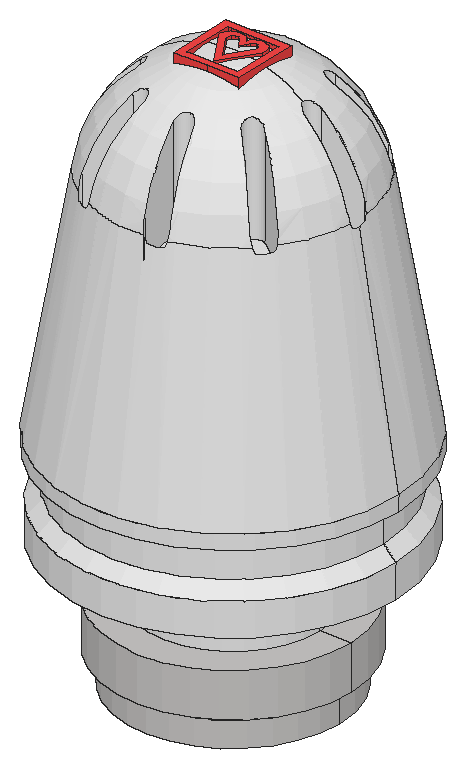
Revit family "HERZ-Thermostatkopf MINI Turbo M28x1.5 9200 13", category Rohrzubehör, Revit 2021
Family settings
  Bemaßung runder Anschluss = Durchmesser verwenden
  Teiletyp = Normal
  OmniClass-Nummer = 23.65.55.14
  OmniClass-Titel = Valves for Liquid Services
  Arbeitsebenenbasiert = Nein
  Immer vertikal = Nein
  Beim Laden mit Abzugskörper schneiden = Nein
  Gemeinsam genutzt = Nein
Parameters
  Vorgabe-Ansicht = 0 mm
  URL = "www.herz-armaturen.at"
  Thermostatkopf = "Kunststoff, weiß"  # constant formula
  Sollwertbereich = "0-30°C"  # constant formula
  S02 = 60 mm  # constant formula
  S01 = 73 mm  # constant formula
  Nullstellung = "Heizkörperthermostat mit Flüssigkeitsfühler (Hydrosensor) mit Stellung „0“, Frostsicherung einstellbar, mit Begrenzung und Blockierung des Sollwertbereiches."
  Hersteller = "HERZ Armaturen Ges.m.b.H."  # constant formula
  Funktionsweise = "Der HERZ-Thermostat dient als Fühl- und Regelelement. Durch die Volumsänderung der Flüssigkeitsfüllung im HERZ-Hydrosensor wird die Schubspindel des Ventils bewegt."
  Frostsicherung bei = 6 °C  # constant formula
  Sollwertbereich Frostsicherung = "6-30°C"  # constant formula
  Frostsicherung = "Heizkörperthermostat  mit  Flüssigkeitsfühler  (Hydrosensor)  mit  automatischer  Frostsicherung  und  Be-grenzung und Blockierung des Sollwertbereiches."
  Bestellnummer = 1920013  # constant formula
  Anwendungen = "Zur Montage auf Ventilen, die für thermostatischen Betrieb eingerichtet sind.Artikelnummern, Dimensionen und Lieferform der HERZ Ventile sind den jeweiligen Produktnormblättern zu entnehmen."
Reference planes
  plane 1 "Mitte (Vorne/hinten)": y = 0
  plane 2: z = 0
  plane 3 "Mitte (Links/rechts)": x = 0
Forms (mm)
  Revolve 1, solid, material "Kunststoff weiß", detail levels fine
    sketch origin (0, 0, 0) x (1, 0, 0) y (0, 0, 1)
      loop
        line (0, 0) -> (0, 73)
        arc (0, 73) -> (-11.397, 68.78) -> (-17.297, 58.156) r 17.5
        arc (-17.297, 58.156) -> (-20.011, 42.065) -> (-22.88, 26) r 1681.293
        line (-22.88, 26) -> (-22.88, 24) -> (-20.75, 24) -> (-20.75, 19.25) -> (-22.5, 17.5) -> (-22.5, 13) -> (-12.8, 13)
        arc (-12.8, 13) -> (-12.234, 12.766) -> (-12, 12.2) r 0.8
        line (-12, 12.2) -> (-12, 4.8) -> (-13.2, 4.8) -> (-13.2, 0) -> (0, 0)
      axis (0, 73) -> (0, 0)
    angle from 0 to 360
  Revolve 2, solid, material "Messing verzinkt", detail levels fine
    sketch origin (0, 0, 0) x (1, 0, 0) y (0, 0, 1)
      loop
        line (0, 0) -> (0, 5.5) -> (-16.35, 5.5) -> (-16.35, -0.576) -> (-14.75, -1.5) -> (-14.75, -5) -> (-13.35, -5) -> (-13.35, 0) -> (0, 0)
      axis (0, 5.5) -> (0, -5)
    angle from 0 to 360
  Extrusion 3, void
    sketch origin (0, 0, 0) x (1, 0, 0) y (0, 1, 0)
      loop
        arc (11.027, 1.298) -> (9.8, 0) -> (11.027, -1.298) r 1.3
        line (11.027, -1.298) -> (16.77, -1.62)
        arc (16.77, -1.62) -> (17.178, -1.485) -> (17.384, -1.107) r 0.586
        arc (17.384, -1.107) -> (17.453, 0.011) -> (17.382, 1.129) r 9
        arc (17.382, 1.129) -> (17.183, 1.492) -> (16.79, 1.621) r 0.564
        line (16.79, 1.621) -> (11.027, 1.298)
      loop
        line (9.282, 6.094) -> (13.904, 9.55)
        arc (13.904, 9.55) -> (14.121, 9.902) -> (14.04, 10.308) r 0.564
        arc (14.04, 10.308) -> (13.376, 11.21) -> (12.605, 12.023) r 9
        arc (12.605, 12.023) -> (12.205, 12.18) -> (11.805, 12.021) r 0.586
        line (11.805, 12.021) -> (7.613, 8.082)
        arc (7.613, 8.082) -> (7.507, 6.299) -> (9.282, 6.094) r 1.3
      loop
        arc (0.637, 11.085) -> (1.702, 9.651) -> (3.193, 10.634) r 1.3
        line (3.193, 10.634) -> (4.508, 16.234)
        arc (4.508, 16.234) -> (4.445, 16.659) -> (4.109, 16.928) r 0.586
        arc (4.109, 16.928) -> (3.02, 17.189) -> (1.907, 17.313) r 9
        arc (1.907, 17.313) -> (1.515, 17.181) -> (1.319, 16.816) r 0.564
        line (1.319, 16.816) -> (0.637, 11.085)
      loop
        line (-4.39, 10.199) -> (-6.991, 15.351)
        arc (-6.991, 15.351) -> (-7.3, 15.626) -> (-7.713, 15.617) r 0.564
        arc (-7.713, 15.617) -> (-8.717, 15.12) -> (-9.651, 14.501) r 9
        arc (-9.651, 14.501) -> (-9.875, 14.134) -> (-9.788, 13.713) r 0.586
        line (-9.788, 13.713) -> (-6.638, 8.901)
        arc (-6.638, 8.901) -> (-4.9, 8.487) -> (-4.39, 10.199) r 1.3
      loop
        arc (-10.806, 2.552) -> (-9.209, 3.352) -> (-9.918, 4.991) r 1.3
        line (-9.918, 4.991) -> (-15.204, 7.258)
        arc (-15.204, 7.258) -> (-15.634, 7.271) -> (-15.957, 6.986) r 0.586
        arc (-15.957, 6.986) -> (-16.404, 5.959) -> (-16.719, 4.884) r 9
        arc (-16.719, 4.884) -> (-16.657, 4.475) -> (-16.332, 4.219) r 0.564
        line (-16.332, 4.219) -> (-10.806, 2.552)
      loop
        line (-10.806, -2.552) -> (-16.332, -4.219)
        arc (-16.332, -4.219) -> (-16.657, -4.475) -> (-16.719, -4.884) r 0.564
        arc (-16.719, -4.884) -> (-16.404, -5.959) -> (-15.957, -6.986) r 9
        arc (-15.957, -6.986) -> (-15.634, -7.271) -> (-15.204, -7.258) r 0.586
        line (-15.204, -7.258) -> (-9.918, -4.991)
        arc (-9.918, -4.991) -> (-9.209, -3.352) -> (-10.806, -2.552) r 1.3
      loop
        arc (9.282, -6.094) -> (7.507, -6.299) -> (7.613, -8.082) r 1.3
        line (7.613, -8.082) -> (11.805, -12.021)
        arc (11.805, -12.021) -> (12.205, -12.18) -> (12.605, -12.023) r 0.586
        arc (12.605, -12.023) -> (13.376, -11.21) -> (14.04, -10.308) r 9
        arc (14.04, -10.308) -> (14.121, -9.902) -> (13.904, -9.55) r 0.564
        line (13.904, -9.55) -> (9.282, -6.094)
      loop
        line (0.637, -11.085) -> (1.319, -16.816)
        arc (1.319, -16.816) -> (1.515, -17.181) -> (1.907, -17.313) r 0.564
        arc (1.907, -17.313) -> (3.02, -17.189) -> (4.109, -16.928) r 9
        arc (4.109, -16.928) -> (4.445, -16.659) -> (4.508, -16.234) r 0.586
        line (4.508, -16.234) -> (3.193, -10.634)
        arc (3.193, -10.634) -> (1.702, -9.651) -> (0.637, -11.085) r 1.3
      loop
        arc (-4.39, -10.199) -> (-4.9, -8.487) -> (-6.638, -8.901) r 1.3
        line (-6.638, -8.901) -> (-9.788, -13.713)
        arc (-9.788, -13.713) -> (-9.875, -14.134) -> (-9.651, -14.501) r 0.586
        arc (-9.651, -14.501) -> (-8.717, -15.12) -> (-7.713, -15.617) r 9
        arc (-7.713, -15.617) -> (-7.3, -15.626) -> (-6.991, -15.351) r 0.564
        line (-6.991, -15.351) -> (-4.39, -10.199)
    from 55 to 73
Cuts and joins
  Extrusion 3 cuts Revolve 1
Lines and regions (mm)
  model lines, detail levels coarse+medium
    curve 1: line (0, 0, 0) -> (0, 0, 13)
    curve 2: line (0, -0.017, 0) -> (0, 13, 0)
    curve 3: circle (-0.018, 0, 43) r 30 normal (0, -1, 0)
    curve 4: circle (0, 0, 43) r 30 normal (1, 0, 0)
    curve 5: line (0, 0, 23) -> (0, 0, 63)
    curve 6: line (0, 17.5, 63) -> (0, -17.5, 63)
    curve 7: line (-0.018, 0, 23) -> (-0.018, 0, 63)
    curve 8: line (-17.518, 0, 63) -> (17.482, 0, 63)
    curve 9: circle (0, 43, 0) r 30 normal (0, 0, 1)
    curve 10: line (0, 63, 0) -> (0, 23, 0)
    curve 11: line (-17.5, 63, 0) -> (17.5, 63, 0)
Dimensions and locks
  "S01": curve 4 to plane 2
  "S01": curve 3 to plane 2
  "S01": plane 1 "Mitte (Vorne/hinten)" to curve 9
  "S02": diameter of curve 3
  "S02": diameter of curve 4
  "S02": diameter of curve 9
  aligned and locked: level to plane 2
Automatic sketch dimensions
  Revolve 1 sketch curve to level = 0 mm
  Revolve 1 sketch curve to plane 3 "Mitte (Links/rechts)" = 0 mm  (x2)
  Revolve 1 sketch curve to plane 3 "Mitte (Links/rechts)" = 12 mm
  Revolve 1 sketch curve to Revolve 1 sketch curve = 0.8 mm
  Revolve 1 sketch curve to Revolve 1 sketch curve = 1.2 mm
  Revolve 1 sketch curve to Revolve 1 sketch curve = 7.95 mm
  Revolve 1 sketch curve to Revolve 1 sketch curve = 1.75 mm  (x2)
  Revolve 1 sketch curve to Revolve 1 sketch curve = 2.13 mm
  level to Revolve 1 sketch curve = 329.658 mm
  Revolve 1 sketch curve to plane 3 "Mitte (Links/rechts)" = 1676.524 mm
  level to Revolve 1 sketch curve = 4.8 mm
  Revolve 1 sketch curve to Revolve 1 sketch curve = 7.4 mm
  Revolve 1 sketch curve to Revolve 1 sketch curve = 4.5 mm
  Revolve 1 sketch curve to Revolve 1 sketch curve = 4.75 mm
  Revolve 1 sketch curve to Revolve 1 sketch curve = 2 mm
  Revolve 1 sketch curve to Revolve 1 sketch curve = 29.5 mm
  Revolve 1 sketch curve to Revolve 1 sketch curve = 17.5 mm
  Revolve 1 sketch curve to level = 366.045 mm
  Revolve 1 sketch curve to Revolve 1 sketch curve = 2141.315 mm
  Revolve 2 sketch curve to level = 0 mm
  Revolve 2 sketch curve to plane 3 "Mitte (Links/rechts)" = 0 mm  (x2)
  Revolve 2 sketch curve to level = 5 mm
  Revolve 2 sketch curve to plane 3 "Mitte (Links/rechts)" = 13.35 mm
  Revolve 2 sketch curve to Revolve 2 sketch curve = 1.4 mm
  Revolve 2 sketch curve to level = 0.576 mm
  Revolve 2 sketch curve to Revolve 2 sketch curve = 1.6 mm
  Revolve 2 sketch curve to level = 1.5 mm
  level to Revolve 2 sketch curve = 5.5 mm
  Revolve 2 sketch curve to Revolve 2 sketch curve = 361.045 mm
  Revolve 2 sketch curve to Revolve 2 sketch curve = 2208.815 mm
  plane 1 "Mitte (Vorne/hinten)" to Extrusion 3 sketch curve = 0 mm  (x2)
  Extrusion 3 sketch curve to plane 1 "Mitte (Vorne/hinten)" = 4.219 mm
  Extrusion 3 sketch curve to plane 3 "Mitte (Links/rechts)" = 16.332 mm
  plane 1 "Mitte (Vorne/hinten)" to Extrusion 3 sketch curve = 4.219 mm
  Extrusion 3 sketch curve to Extrusion 3 sketch curve = 0 mm  (x11)
  Extrusion 3 sketch curve to Extrusion 3 sketch curve = 0.163 mm  (x2)
  Extrusion 3 sketch curve to Extrusion 3 sketch curve = 0.734 mm  (x2)
  plane 1 "Mitte (Vorne/hinten)" to Extrusion 3 sketch curve = 7.258 mm
  Extrusion 3 sketch curve to Extrusion 3 sketch curve = 0.231 mm  (x2)
  Extrusion 3 sketch curve to plane 1 "Mitte (Vorne/hinten)" = 7.258 mm
  plane 1 "Mitte (Vorne/hinten)" to Extrusion 3 sketch curve = 2.552 mm
  Extrusion 3 sketch curve to Extrusion 3 sketch curve = 5.526 mm
  Extrusion 3 sketch curve to plane 1 "Mitte (Vorne/hinten)" = 2.552 mm
  Extrusion 3 sketch curve to Extrusion 3 sketch curve = 0.375 mm  (x2)
  Extrusion 3 sketch curve to Extrusion 3 sketch curve = 0.512 mm  (x2)
  Extrusion 3 sketch curve to Extrusion 3 sketch curve = 5.416 mm  (x2)
  Extrusion 3 sketch curve to Extrusion 3 sketch curve = 0.49 mm  (x2)
  Extrusion 3 sketch curve to Extrusion 3 sketch curve = 2.488 mm  (x2)
  Extrusion 3 sketch curve to Extrusion 3 sketch curve = 1.803 mm  (x2)
  Extrusion 3 sketch curve to Extrusion 3 sketch curve = 0.504 mm  (x2)
  Extrusion 3 sketch curve to Extrusion 3 sketch curve = 3.281 mm  (x2)
  Extrusion 3 sketch curve to Extrusion 3 sketch curve = 1.088 mm  (x2)
  Extrusion 3 sketch curve to Extrusion 3 sketch curve = 1.16 mm  (x2)
  Extrusion 3 sketch curve to Extrusion 3 sketch curve = 1.324 mm  (x2)
  plane 3 "Mitte (Links/rechts)" to Extrusion 3 sketch curve = 0.637 mm  (x2)
  plane 3 "Mitte (Links/rechts)" to Extrusion 3 sketch curve = 1.319 mm  (x2)
  plane 3 "Mitte (Links/rechts)" to Extrusion 3 sketch curve = 1.468 mm  (x2)
  Extrusion 3 sketch curve to Extrusion 3 sketch curve = 0.561 mm  (x2)
  Extrusion 3 sketch curve to Extrusion 3 sketch curve = 1.291 mm  (x2)
  Extrusion 3 sketch curve to Extrusion 3 sketch curve = 1.266 mm  (x2)
  Extrusion 3 sketch curve to Extrusion 3 sketch curve = 2.058 mm  (x2)
  Extrusion 3 sketch curve to Extrusion 3 sketch curve = 0.57 mm  (x2)
  Extrusion 3 sketch curve to Extrusion 3 sketch curve = 5.007 mm  (x2)
  Extrusion 3 sketch curve to Extrusion 3 sketch curve = 1.138 mm  (x2)
  Extrusion 3 sketch curve to Extrusion 3 sketch curve = 1.978 mm
  Extrusion 3 sketch curve to Extrusion 3 sketch curve = 0.89 mm  (x2)
  Extrusion 3 sketch curve to Extrusion 3 sketch curve = 0.779 mm  (x2)
  plane 1 "Mitte (Vorne/hinten)" to Extrusion 3 sketch curve = 1.298 mm
  Extrusion 3 sketch curve to Extrusion 3 sketch curve = 2.575 mm
  Extrusion 3 sketch curve to Extrusion 3 sketch curve = 0.073 mm
  Extrusion 3 sketch curve to Extrusion 3 sketch curve = 4.192 mm  (x2)
  Extrusion 3 sketch curve to Extrusion 3 sketch curve = 0.401 mm  (x2)
  Extrusion 3 sketch curve to Extrusion 3 sketch curve = 1.36 mm  (x2)
  Extrusion 3 sketch curve to Extrusion 3 sketch curve = 0.338 mm  (x2)
  plane 1 "Mitte (Vorne/hinten)" to Extrusion 3 sketch curve = 1.62 mm
  Extrusion 3 sketch curve to Extrusion 3 sketch curve = 5.743 mm
  Extrusion 3 sketch curve to plane 1 "Mitte (Vorne/hinten)" = 1.621 mm
  Extrusion 3 sketch curve to Extrusion 3 sketch curve = 0.02 mm
  Extrusion 3 sketch curve to Extrusion 3 sketch curve = 0.033 mm
  Extrusion 3 sketch curve to Extrusion 3 sketch curve = 0.032 mm
  plane 1 "Mitte (Vorne/hinten)" to Extrusion 3 sketch curve = 7.32 mm
  Extrusion 3 sketch curve to Extrusion 3 sketch curve = 6.784 mm
  Extrusion 3 sketch curve to Extrusion 3 sketch curve = 1.004 mm
  Extrusion 3 sketch curve to Extrusion 3 sketch curve = 1.581 mm  (x2)
  Extrusion 3 sketch curve to Extrusion 3 sketch curve = 1.468 mm
  Extrusion 3 sketch curve to Extrusion 3 sketch curve = 0.712 mm  (x2)
  Extrusion 3 sketch curve to Extrusion 3 sketch curve = 0.452 mm  (x2)
  Extrusion 3 sketch curve to Extrusion 3 sketch curve = 2.31 mm  (x2)
  Extrusion 3 sketch curve to Extrusion 3 sketch curve = 0.297 mm  (x2)
  Extrusion 3 sketch curve to Extrusion 3 sketch curve = 1.591 mm  (x2)
  Extrusion 3 sketch curve to Extrusion 3 sketch curve = 0.427 mm  (x2)
  Extrusion 3 sketch curve to Extrusion 3 sketch curve = 4.812 mm  (x2)
  Extrusion 3 sketch curve to Extrusion 3 sketch curve = 0.321 mm  (x2)
  Extrusion 3 sketch curve to Extrusion 3 sketch curve = 1.063 mm  (x2)
  Extrusion 3 sketch curve to Extrusion 3 sketch curve = 0.254 mm  (x2)
  Extrusion 3 sketch curve to Extrusion 3 sketch curve = 5.599 mm  (x2)
  Extrusion 3 sketch curve to Extrusion 3 sketch curve = 0.134 mm  (x2)
  Extrusion 3 sketch curve to Extrusion 3 sketch curve = 0.382 mm  (x2)
  Extrusion 3 sketch curve to Extrusion 3 sketch curve = 0.067 mm  (x2)
  Extrusion 3 sketch curve to Extrusion 3 sketch curve = 0.947 mm
  Extrusion 3 sketch curve to Extrusion 3 sketch curve = 0.539 mm  (x2)
  Extrusion 3 sketch curve to Extrusion 3 sketch curve = 1.702 mm
  Extrusion 3 sketch curve to Extrusion 3 sketch curve = 2.439 mm
  Extrusion 3 sketch curve to Extrusion 3 sketch curve = 0.54 mm  (x2)
  Extrusion 3 sketch curve to Extrusion 3 sketch curve = 0.905 mm
  Extrusion 3 sketch curve to Extrusion 3 sketch curve = 0.585 mm
  Extrusion 3 sketch curve to Extrusion 3 sketch curve = 0.564 mm
  Extrusion 3 sketch curve to Extrusion 3 sketch curve = 0.339 mm
  Extrusion 3 sketch curve to Extrusion 3 sketch curve = 1.245 mm
  Extrusion 3 sketch curve to plane 1 "Mitte (Vorne/hinten)" = 5.433 mm
  Extrusion 3 sketch curve to Extrusion 3 sketch curve = 0.661 mm
  Extrusion 3 sketch curve to Extrusion 3 sketch curve = 1.041 mm
  Extrusion 3 sketch curve to Extrusion 3 sketch curve = 4.429 mm
  Extrusion 3 sketch curve to Extrusion 3 sketch curve = 2.891 mm
  Extrusion 3 sketch curve to Extrusion 3 sketch curve = 3.456 mm
  Extrusion 3 sketch curve to plane 1 "Mitte (Vorne/hinten)" = 1.298 mm  (x2)
  curve 5 to plane 1 "Mitte (Vorne/hinten)" = 0 mm
  curve 4 to plane 1 "Mitte (Vorne/hinten)" = 0 mm
  plane 1 "Mitte (Vorne/hinten)" to curve 6 = 17.5 mm
  curve 5 to curve 6 = 17.5 mm
  curve 5 to curve 4 = 20 mm
  curve 4 to curve 6 = 20 mm
  curve 1 to plane 3 "Mitte (Links/rechts)" = 0 mm
  curve 1 to level = 0 mm
  curve 3 to plane 3 "Mitte (Links/rechts)" = 0.018 mm
  curve 7 to plane 3 "Mitte (Links/rechts)" = 0.018 mm
  curve 8 to curve 7 = 17.5 mm
  plane 3 "Mitte (Links/rechts)" to curve 8 = 17.482 mm
  curve 1 to curve 7 = 10 mm
  curve 3 to curve 8 = 20 mm
  curve 9 to plane 3 "Mitte (Links/rechts)" = 0 mm
  curve 10 to plane 3 "Mitte (Links/rechts)" = 0 mm
  curve 2 to plane 3 "Mitte (Links/rechts)" = 0 mm
  curve 11 to curve 10 = 17.5 mm
  plane 3 "Mitte (Links/rechts)" to curve 11 = 17.5 mm
  plane 1 "Mitte (Vorne/hinten)" to curve 2 = 0.017 mm
  curve 2 to curve 10 = 10 mm
  curve 9 to curve 11 = 20 mm
Nested families
  nested 1: "Herz-Logo" at (0, 0, 71.5), type "Herz-Logo", detail levels fine
Definition of nested family "Herz-Logo"
  Parameters (values of type "Herz-Logo")
    Default Elevation = 0 mm
  Reference planes
    plane 1 "Mitte (Vorne/hinten)": y = 0
    plane 2: z = 0
    plane 3 "Mitte (Links/rechts)": x = 0
  Forms (mm)
    Extrusion 1, solid
      sketch origin (0, 0, 0) x (1, 0, 0) y (0, 1, 0)
        loop
          line (-0.018, -4.517) -> (4.482, -4.517) -> (4.482, 4.483) -> (-4.518, 4.483) -> (-4.518, -4.517) -> (-0.018, -4.517)
        loop
          line (-0.05, -3.48) -> (3.482, -3.48) -> (3.482, 3.483) -> (-3.518, 3.483) -> (-3.518, -3.48) -> (-0.05, -3.48)
        loop
          arc (-0.018, 2.383) -> (-1.543, 3.287) -> (-3.067, 2.383) r 1.738
          arc (-3.067, 2.383) -> (-3.191, 1.899) -> (-3.067, 1.415) r 1.009
          line (-3.067, 1.415) -> (-0.018, -3.281) -> (3.032, 1.415)
          arc (3.032, 1.415) -> (3.156, 1.899) -> (3.032, 2.383) r 1.009
          arc (3.032, 2.383) -> (1.507, 3.287) -> (-0.018, 2.383) r 1.738
        loop
          arc (1.885, 1.272) -> (2.005, 1.675) -> (1.885, 2.079) r 0.74
          arc (1.885, 2.079) -> (1.265, 2.416) -> (0.644, 2.079) r 0.74
          line (0.644, 2.079) -> (-0.018, 0.97) -> (-0.679, 2.079)
          arc (-0.679, 2.079) -> (-1.3, 2.416) -> (-1.921, 2.079) r 0.74
          arc (-1.921, 2.079) -> (-2.04, 1.675) -> (-1.921, 1.272) r 0.74
          line (-1.921, 1.272) -> (-0.018, -1.658) -> (1.885, 1.272)
      from 0 to 1.5
  Dimensions and locks
    aligned and locked: level to plane 2
